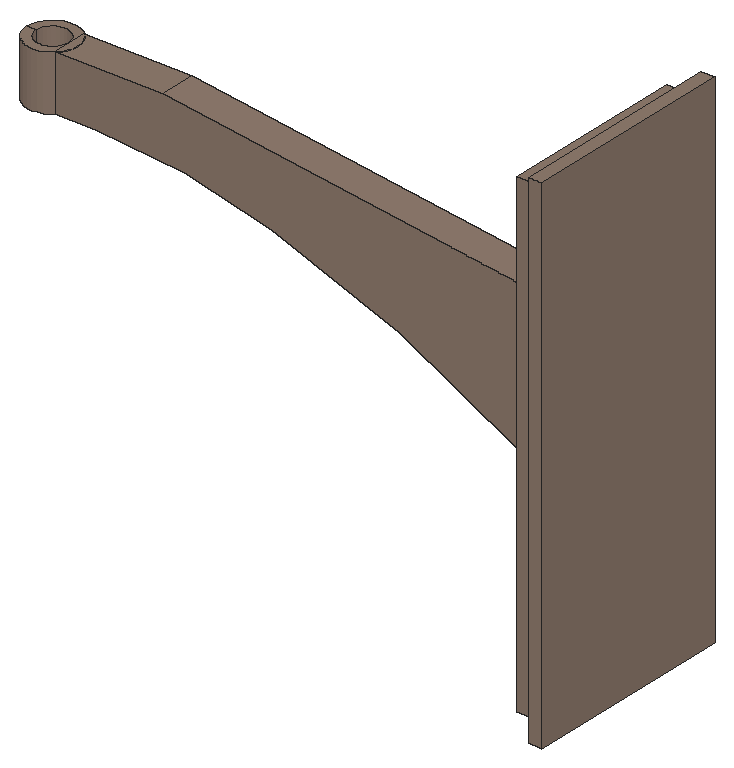
Revit family "WM514", category Generic Models, Revit 2014
Parameters
  WALL MOUNT = Bronze, Architectural
  ARM 02 = Bronze, Architectural
  ARM = Bronze, Architectural
Reference planes (in)
  plane 1 "Center (Front/Back)": y = 0
  plane 2: z = 0
  plane 3 "Center (Left/Right)": x = 0
Forms (in)
  Extrusion 1, solid, material "Bronze, Architectural" <- "ARM"
    sketch origin (-0.45979, 0, 29.79017) x (1, 0, 0) y (0, 0, 1)
      loop
        line (-14.6779, -17.3282) -> (-13.55746, -17.3282)
        arc (-13.55746, -17.3282) -> (-11.15107, -17.5153) -> (-8.80253, -18.0721) r 15.56845
        arc (-8.80253, -18.0721) -> (-5.33407, -19.35117) -> (-2.06549, -21.0782) r 27.86093
        line (-2.06549, -21.0782) -> (-2.06549, -21.8282) -> (-1.62799, -21.88186) -> (-1.62799, -17.0782)
        arc (-1.62799, -17.0782) -> (-6.66014, -16.20737) -> (-11.75299, -15.8282) r 52.64701
        line (-11.75299, -15.8282) -> (-14.6779, -15.8282) -> (-14.6779, -17.3282)
    from -0.5 to 0.5
  Revolve 2, solid, material "Bronze, Architectural" <- "ARM 02"
    sketch origin (-0.52399, 0, 29.03568) x (1, 0, 0) y (0, 0, -1)
      loop
        line (-15.75419, 16.57371) -> (-15.75419, 15.07381) -> (-15.06669, 15.07381) -> (-15.06669, 16.57371) -> (-15.75419, 16.57371)
      axis (-15.06669, 16.57371) -> (-15.06669, 15.07381)
    angle from 0 to 360
  Revolve 3, void
    sketch origin (-0.46149, 0, -7.86173) x (1, 0, 0) y (0, 0, 1)
      loop
        line (-15.56669, 21.82361) -> (-15.56669, 20.32371) -> (-15.125, 20.32371) -> (-15.125, 21.82361) -> (-15.56669, 21.82361)
      axis (-15.125, 21.82361) -> (-15.125, 20.32371)
    angle from 0 to 360
  Extrusion 4, solid, material "Bronze, Architectural" <- "WALL MOUNT"
    sketch origin (0.00222, -9.80113, -15.54524) x (0, 1, 0) y (0, 0, 1)
      loop
        line (12.72032, 32.71208) -> (6.88194, 32.71208) -> (6.88194, 18.99869) -> (12.72032, 18.99869) -> (12.72032, 32.71208)
    from -0.375 to -0.00231
  Extrusion 5, solid, material "Bronze, Architectural" <- "WALL MOUNT"
    sketch origin (0.00222, -9.80113, -15.54524) x (0, 1, 0) y (0, 0, 1)
      loop
        line (12.34532, 19.37369) -> (12.34532, 32.33708) -> (7.25694, 32.33708) -> (7.25694, 19.37369) -> (12.34532, 19.37369)
    from -1 to -0.375
  Extrusion 6, solid, material "Bronze, Architectural" <- "WALL MOUNT"
    sketch origin (-0.00009, 0, -15.54524) x (1, 0, 0) y (0, 0, 1)
      loop
        line (-2.08769, 21.48038) -> (-1.21269, 21.48038) -> (-1.21269, 30.23038) -> (-2.08769, 30.23038) -> (-2.08769, 21.48038)
    from -1.125 to 1.125
  Extrusion 7, solid, material "Bronze, Architectural" <- "WALL MOUNT"
    sketch origin (-0.00009, 0, -15.54524) x (1, 0, 0) y (0, 0, 1)
      loop
        line (-0.99769, 30.73038) -> (-1.15019, 30.73038)
        arc (-1.15019, 30.73038) -> (-1.19438, 30.71208) -> (-1.21269, 30.66788) r 0.0625
        line (-1.21269, 30.66788) -> (-1.21269, 21.04288)
        arc (-1.21269, 21.04288) -> (-1.19438, 20.99869) -> (-1.15019, 20.98038) r 0.0625
        line (-1.15019, 20.98038) -> (-0.99769, 20.98038) -> (-0.99769, 30.73038)
    from -1.25 to 1.25
Cuts and joins
  Revolve 3 cuts Extrusion 1
  Revolve 3 cuts Revolve 2
Dimensions and locks (in)
  aligned and locked: plane 2 to level
